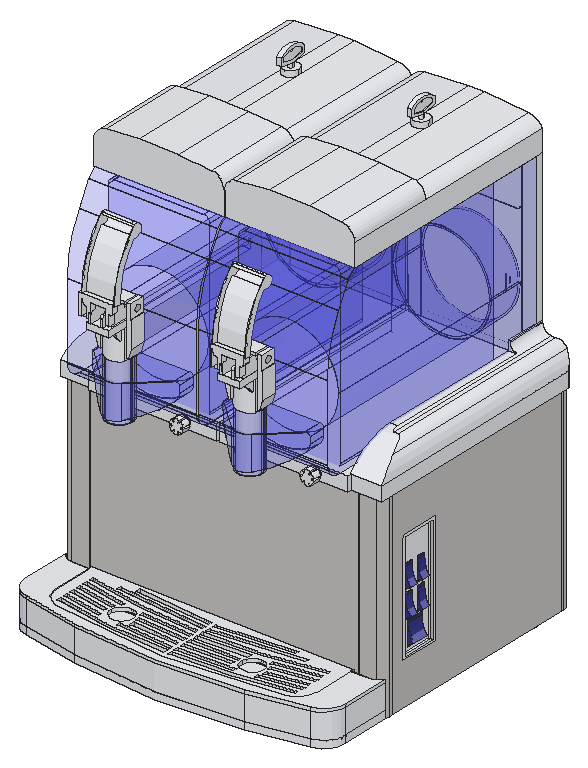
Revit family "QF_ELECTROLUXPROFESSIONAL_560100_SP2NewL", category Specialty Equipment, Revit 2018 (continued)
Definition of nested family "SP2_Vasca_R"
  Forms (mm)
    Extrusion 45, solid
      sketch origin (0.189, -212, -123.048) x (-1, 0, 0) y (0, 0, 1)
        loop
          circle (45.189, 417.933) r 6.382
      from 90.501 to 85.6
    Extrusion 46, solid
      sketch origin (-0.189, -212, -123.048) x (1, 0, 0) y (0, 0, -1)
        loop
          circle (45.189, -417.933) r 6.382
      from 85.6 to 90.501
    Extrusion 47, void
      sketch origin (-90.5, 0, 0) x (-1, 0, 0) y (0, -1, 0)
        loop
          arc (-210.523, -212) -> (-219.699, -208.199) -> (-223.5, -199.023) r 12.977
          line (-223.5, -199.023) -> (-223.5, -212) -> (-210.523, -212)
      from 328.597 to 286
  Cuts and joins
    Extrusion 8 cuts Extrusion 6
    Extrusion 8, Extrusion 9 cuts Extrusion 7
    Extrusion 8 cuts Extrusion 10
    joined: Extrusion 7, Extrusion 10, Extrusion 11
    joined: Extrusion 5, Extrusion 14
    Extrusion 20 cuts Extrusion 12
    Extrusion 20 cuts Extrusion 15
    Extrusion 20 cuts Extrusion 16
    Extrusion 20 cuts Extrusion 17
    Extrusion 20 cuts Extrusion 18
    Extrusion 25, Extrusion 47 cuts Extrusion 24
    Extrusion 22 cuts Extrusion 26
    Extrusion 31 cuts Extrusion 32
    Extrusion 22, Extrusion 42, Extrusion 44 cuts Extrusion 39
    Extrusion 22, Extrusion 42 cuts Extrusion 40
    Extrusion 38 cuts Extrusion 27
  Lines and regions (mm)
    symbolic lines
      curve 1: arc (112.977, -118, 14) -> (127.119, -112.142, 14) -> (132.977, -98, 14) r 20
      curve 2: line (110.977, 212, 14) -> (110.977, -50, 14)
      curve 3: line (110.977, -50, 14) -> (127.977, -50, 14)
      curve 4: line (127.977, -50, 14) -> (127.977, 209.259, 14)
      curve 5: arc (120, 212, 14) -> (129.176, 208.199, 14) -> (132.977, 199.023, 14) r 12.977
      curve 6: line (110.977, -50, 14) -> (110.977, -67.775, 14)
      curve 7: arc (110.977, -67.775, 14) -> (112.944, -92.763, 14) -> (118.795, -117.135, 14) r 159.732
      curve 8: line (127.977, -50, 14) -> (132.977, -85.577, 14)
      curve 9: line (89.477, 212, 14) -> (89.477, 30.512, 14)
      curve 10: line (89.477, 157, 14) -> (104.477, 157, 14)
      curve 11: line (104.477, 157, 14) -> (104.477, -88, 14)
      curve 12: arc (104.477, -88, 14) -> (103.013, -99.123, 14) -> (98.719, -109.488, 14) r 42.977
      curve 13: line (98.719, -109.488, 14) -> (89.477, -109.488, 14)
      curve 14: arc (89.477, 30.512, 14) -> (83.619, 16.37, 14) -> (69.477, 10.512, 14) r 20
      curve 15: arc (-90.523, 30.512, 14) -> (-84.665, 16.37, 14) -> (-70.523, 10.512, 14) r 20
      curve 16: line (-90.523, 30.512, 14) -> (-90.523, -113, 14)
      curve 17: line (89.477, 30.512, 14) -> (89.477, -113, 14)
      curve 18: line (2.977, 135.359, 14) -> (-3.023, 135.359, 14)
      curve 19: line (2.977, 96.233, 14) -> (2.977, 135.359, 14)
      curve 20: line (-3.023, 96.233, 14) -> (2.977, 96.233, 14)
      curve 21: line (-3.023, 135.359, 14) -> (-3.023, 96.233, 14)
      curve 22: arc (2.977, 105.213, 14) -> (10.977, 115.796, 14) -> (2.977, 126.379, 14) r 11
      curve 23: arc (-3.023, 126.379, 14) -> (-11.023, 115.796, 14) -> (-3.023, 105.213, 14) r 11
      curve 24: arc (89.477, -93, 14) -> (82.183, -87.573, 14) -> (73.338, -85.474, 14) r 22.513
      curve 25: arc (-90.523, -93, 14) -> (-83.229, -87.573, 14) -> (-74.384, -85.474, 14) r 22.513
      curve 26: arc (73.338, -85.474, 14) -> (-0.523, -83, 14) -> (-74.384, -85.474, 14) r 1103.745
      curve 27: line (-0.523, -113, 14) -> (-0.523, -171, 14)
      curve 28: line (82.477, -113, 14) -> (82.477, -153, 14)
      curve 29: line (-80.989, -113, 14) -> (-80.989, -153, 14)
      curve 30: line (-80.989, -153, 14) -> (82.477, -153, 14)
      curve 31: line (-50.989, -153, 14) -> (-21.523, -182.466, 14)
      curve 32: line (20.477, -216, 14) -> (-21.523, -216, 14)
      curve 33: line (-21.523, -216, 14) -> (-21.523, -171, 14)
      curve 34: line (-21.523, -171, 14) -> (20.477, -171, 14)
      curve 35: line (-16.523, -216, 14) -> (-16.523, -181, 14)
      curve 36: line (-16.523, -181, 14) -> (14.477, -181, 14)
      curve 37: line (14.477, -196, 14) -> (-16.523, -196, 14)
      curve 38: line (-55.989, -153, 14) -> (-21.523, -187.466, 14)
      curve 39: line (49.943, -153, 14) -> (20.477, -182.466, 14)
      curve 40: line (54.943, -153, 14) -> (20.477, -187.466, 14)
      curve 41: line (20.477, -216, 14) -> (20.477, -171, 14)
      curve 42: line (14.477, -216, 14) -> (14.477, -181, 14)
      curve 43: line (-90.523, 212, 14) -> (120, 212, 14)
      curve 44: line (132.977, 199.023, 14) -> (132.977, -98, 14)
      curve 45: line (-90.523, 212, 14) -> (-90.523, 30.512, 14)
      curve 46: line (-90.523, -113, 14) -> (89.477, -113, 14)
      curve 47: line (89.477, -113, 14) -> (89.477, -118, 14)
      curve 48: line (89.477, -118, 14) -> (112.977, -118, 14)
      curve 49: line (-70.523, 10.512, 0) -> (69.477, 10.512, 0)
  Dimensions and locks
    plane 4 "FEET" to level = 14 mm
    plane 6 "LEFT" to plane 3 "Center (Left/Right)" to plane 7 "RIGHT" = 133 mm, 133 mm
    plane 5 "BACK" to plane 1 "Center (Front/Back)" = 212 mm
    plane 6 "LEFT" to plane 7 "RIGHT" = 266 mm
    plane 5 "BACK" to plane 8 = 43 mm
    plane 8 to plane 11 = 250 mm
    plane 14 "TOP" to level = 640 mm
    plane 15 "FRONT" to plane 5 "BACK" = 428 mm
    plane 5 "BACK" to plane 15 "FRONT" = 428 mm
    Extrusion 36 to level = 613 mm
    Extrusion 36 to level = 606 mm
    aligned and locked: level to plane 2 "BASE"
